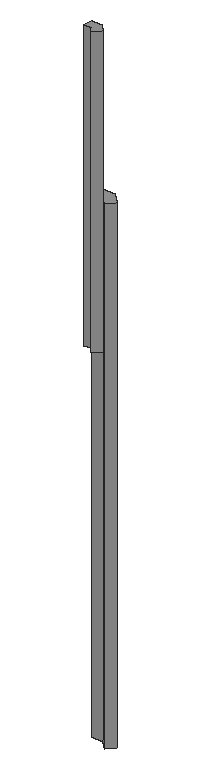
Revit family "STARC-REALWALL-CORNER-OUTSIDE", category Specialty Equipment, Revit 2014
Parameters (values of type "S1-FC")
  Wall Angle [instance] = 135.00°
  URL = "https://starcsystems.com/products/accessories/"
  Type Comments = "STARC SYSTEMS, INC REALWALL TEMPORARY CONTAINMENT SYSTEM CORNER"
  Model = "S1-FC"
  Manufacturer = "STARC SYSTEMS, INC."  # constant formula
  ICRA Class = "IV"  # constant formula
  Description = "STARC SYSTEMS, INC REALWALL TEMPORARY CONTAINMENT SYSTEM CORNER"  # constant formula
  Copyright = "Copyright 2020 STARC Systems, Inc."  # constant formula
  Ceiling Height = 9' - 0"
  Height = if(Ceiling Height > 10' 3", 10' 3", (if(Ceiling Height < 6' 10", 6' 10", Ceiling Height)))  # 9' - 0"
  Assembly Code = "F1030900"
  Angle [instance] = if(Wall Angle > 165.00°, 165.00°, (if(Wall Angle < 90.00°, 90.00°, Wall Angle)))  # 135.00°
  ASTM Standard = "E-84 CLASS A"  # constant formula
Reference planes (in)
  plane 1: z = 0
  plane 2 "Ceiling Height": z = 108
  plane 3 "Base Panel Top": z = 82
  plane 4: z = 59.73438
  plane 5: y = -0.15625
  plane 6: y = 1.4375
  plane 7: y = 1.625
  plane 8: y = 3.21875
  plane 9: x = -9.90044
Forms (in)
  Extrusion 1, solid, material "STARC-Frame", detail levels medium+fine
    sketch origin (0, 0, 0) x (1, 0, 0) y (0, 1, 0)
      loop
        line (-11.65044, -0.15625) -> (-10.56059, -0.15625) -> (-9.78995, -0.92689) -> (-8.663, 0.20006) -> (-9.90044, 1.4375) -> (-11.65044, 1.4375) -> (-11.65044, -0.15625)
    from 59.73438 to 108
  Extrusion 2, solid, material "STARC-Frame"
    sketch origin (0, 1.78125, 0) x (1, 0, 0) y (0, 1, 0)
      loop
        line (-11.65044, -0.15625) -> (-9.82277, -0.15625) -> (-8.53042, -1.4486) -> (-7.40347, -0.32165) -> (-9.16262, 1.4375) -> (-11.65044, 1.4375) -> (-11.65044, -0.15625)
    from 0 to 82
Lines and regions (in)
  symbolic lines, style "SpecialityEquipmentHiddenLines", detail levels coarse
    curve 1: line (-11.65044, -0.15625, 0) -> (-10.56059, -0.15625, 0)
    curve 2: line (-11.65044, 1.625, 0) -> (-11.65044, -0.15625, 0)
    curve 3: line (-10.56059, -0.15625, 0) -> (-9.78995, -0.92689, 0)
    curve 4: line (-8.53042, 0.33265, 0) -> (-9.78995, -0.92689, 0)
Dimensions and locks (in)
  "Height": plane 2 "Ceiling Height" to level
  locked: plane 3 "Base Panel Top" to level at 82
  locked: plane 2 "Ceiling Height" to plane 4 at 48.26563
  locked: Extrusion 1 sketch curve to Extrusion 1 sketch curve at 1.75  (x2)
  locked: Extrusion 1 sketch curve to Extrusion 1 sketch curve at 1.59375
  locked: plane 5 to Extrusion 1 sketch curve at 1.59375
  locked: Extrusion 2 sketch curve to plane 6 at 0.1875
  locked: Extrusion 2 sketch curve to Extrusion 1 at 0.1875
  locked: Extrusion 2 sketch curve to Extrusion 2 sketch curve at 1.59375
  locked: Extrusion 1 sketch curve to Extrusion 1 sketch curve (angle 90.00°)  (x4)
  "Angle": angle Extrusion 1 sketch curve to Extrusion 1 sketch curve
  "Angle": angle Extrusion 2 sketch curve to Extrusion 2 sketch curve
  locked: Extrusion 2 sketch curve to Extrusion 2 sketch curve (angle 90.00°)  (x4)
  aligned and locked: level to plane 1
  aligned and locked: Extrusion 1 sketch curve to plane 5
  aligned and locked: Extrusion 1 sketch curve to plane 6
  aligned and locked: Extrusion 1 to Extrusion 2 sketch curve
  aligned and locked: Extrusion 2 sketch curve to Extrusion 1
  aligned and locked: Extrusion 2 sketch curve to plane 8
  aligned and locked: Extrusion 2 to level
  aligned and locked: plane 3 "Base Panel Top" to Extrusion 2
  aligned and locked: plane 2 "Ceiling Height" to Extrusion 1
  aligned and locked: Extrusion 1 to plane 4
  aligned and locked: plane 7 to curve 2
  aligned and locked: Extrusion 2 to curve 4
  aligned and locked: curve 4 to Extrusion 1
  aligned and locked: curve 3 to Extrusion 1
  aligned and locked: curve 1 to Extrusion 1
Automatic sketch dimensions
  curve 1 to curve 3 = 0' - 1 23/256"
  Extrusion 1 sketch curve to plane 9 = 0' - 0"
